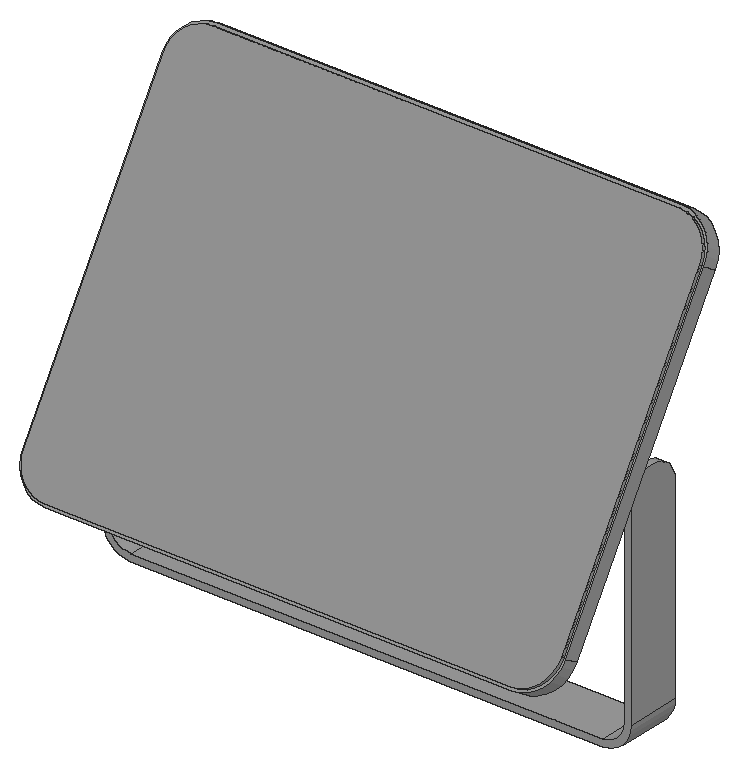
Revit family "0047964 Sylvania Lighting Fixture START eco Flood Flat IP65 2800lm 830", category Lighting Fixtures, host Face, Revit 2016
Family settings
  Host = Face
  Part Type = Normal
  Round Connector Dimension = Use Diameter
  OmniClass Number = 23.80.70.00
  OmniClass Title = Lighting
  Cut with Voids When Loaded = No
  Light Source = No
  Shared = No
  Room Calculation Point = No
Parameters (values of type "0047964 ST E FLD FLT IP65 2800LM 830")
  WidthBracketIn_SYL = if([10W_SYL], 102.2 mm, if([30W_SYL], 143.3 mm, if([50W_SYL], 181 mm, 262.8 mm)))  # 143.3 mm
  Weight = "6.54 kg"
  Wattage Comments = ""
  WarrantyStartDate [instance] = "n/a"
  WarrantyGuarantorParts = "n/a"
  WarrantyDurationUnit = "n/a"
  WarrantyDurationParts = "n/a"
  WarrantyDescription = "n/a"
  Voltage = 0 V
  URL = "http://www.sylvania-lighting.com"
  TypeName = "START eco Flood Flat IP65 2800lm 830"
  TypeLight_SYL = START eco Flood Flat Lamp : 0047964 ST E FLD FLT IP65 2800LM 830
  Type Image = <None>
  Type Comments = "n/a"
  ThicknessBracket_SYL = if([10W_SYL], 1.5 mm, 2 mm)  # 2 mm
  SerialNumber [instance] = "n/a"
  RotationAngle_SYL [instance] = 32.00°
  RadiusBracket_SYL = if([10W_SYL], 7.7 mm, if([30W_SYL], 8 mm, if([50W_SYL], 17 mm, 14 mm)))  # 8 mm
  RadiusBracketIn_SYL = RadiusBracket_SYL - ThicknessBracket_SYL  # 6 mm
  OffsetAxis_SYL = DepthBracket_SYL / 2  # 7.5 mm
  PowerFactor = 0.9
  PowerConsumption = "30 W"
  NominalLength = 156 mm
  NominalHeight = 38 mm
  NominalDepth = 126 mm
  Name = "START eco Flood Flat IP65 2800lm 830"
  ModelReference = Name  # "START eco Flood Flat IP65 2800lm 830"
  ModelNumber = "0047964"
  Model = Name  # "START eco Flood Flat IP65 2800lm 830"
  Material = "adc12 housing"
  ManufacturerName = "Feilo Sylvania"
  Manufacturer = "Feilo Sylvania"
  LuminousEfficacy = "90 lm/W"
  LuminaireType = ""
  LightOutputRatio = "n/a"
  LampsType = Lamp  # "LED"
  LampNominalLuminous = "2700 lm"
  LampMacAdamStep = "n/a"
  LampColourTemperature = "3000 K"
  LampColourRenderingIndex = "80"
  Lamp = "LED"
  Keynote = "16500"
  InstallationDate [instance] = "n/a"
  InputVoltage = "n/a"
  InputNominalFrequency = "n/a"
  IngressProtection = "IP65"
  ImpactProtectionIndex = "IK06"
  IfcExportType = "IfcLightFixtureType"
  IfcExportAs = "IfcLightFixtureType"
  HeightBracket_SYL = if([10W_SYL], 55 mm, if([30W_SYL], 70 mm, if([50W_SYL], 110 mm, 141 mm)))  # 70 mm
  ExpectedLife = 30000
  EndAngle_SYL [instance] = RotationAngle_SYL + 180.00°  # 212.00°
  ElectricShockClassification = "Class I"
  DurationUnit = "hours"
  DocumentationLiterature = "http://www.sylvania-lighting.com/product/en-int/products/0047964"
  DimmingControlOptions = "n/a"
  Description = "The new Start eco Flood Flat comes with improved design. The streamlined, durable, lightweight die-cast aluminium body makes it a perfect choice for building facades, car parks, garages and construction areas. The product includes 1 m pre-wired stripped cable and fitting bracket for quick and easy installation and the universal mounting bracket allows wall or surface mounting with the possibility of vertical tilting. Black die-cast aluminum housing, white reflector, 2700 lm, 30 W, 90 lm/W, 3000K, drive current 116 mA, non dimmable, CRI>80, IP65, IK06, Class I, lumen maintenance L70:B50: 30000 hrs, 156 x 126 x 38 mm (L x W x H). Weight: 0.545kg. Energy class: A++ A+ A."
  DepthBracket_SYL = if([10W_SYL], 15 mm, if([30W_SYL], 15 mm, if([50W_SYL], 17 mm, 25 mm)))  # 15 mm
  Default Elevation = 1219.2 mm
  CreatedOn = "10/8/2018"
  CreatedBy = "@sylvania-lighting.com"
  Cost = 0
  built-in parameter 1114216 [instance] = (empty or 0)
  ClassificationValue = "EF_70_80"
  ClassificationName = "Uniclass2015"
  Material_1_SYL = Body-Sylvania-FloodFlat-Black
  BarCode [instance] = "n/a"
  AssetType = "Fixed"
  AssetIdentifier [instance] = "n/a"
  Assembly Code = "D5020200"
  Apparent Load = 30 VA
  50W_SYL = no
  30W_SYL = yes
  10W_SYL = no
Reference planes
  plane 1 "Center (Front/Back)": y = 0
  plane 2: z = 0
  plane 3 "Center (Left/Right)": x = 0
  plane 4: x = -73.65
  plane 5: x = 73.65
  plane 6: z = 70
  plane 7: z = 62.5
  plane 8: x = -71.65
  plane 9: x = 71.65
  plane 10: z = 2
  plane 11: y = 7.5
  plane 12: y = -7.5
  plane 13: x = -65.65
  plane 14: z = 8
  plane 15: x = 65.65
  plane 16: y = -9.5
  plane 17: z = 72
  plane 18: y = 9.5
Forms (mm)
  Extrusion 1, solid, material "Body-Sylvania-FloodFlat-Black" <- "Material_1_SYL"
    sketch origin (0, 0, 0) x (1, 0, 0) y (0, 0, 1)
      loop
        line (-71.65, 70) -> (-73.65, 70) -> (-73.65, 8)
        arc (-73.65, 8) -> (-71.307, 2.343) -> (-65.65, 0) r 8
        line (-65.65, 0) -> (65.65, 0)
        arc (65.65, 0) -> (71.307, 2.343) -> (73.65, 8) r 8
        line (73.65, 8) -> (73.65, 70) -> (71.65, 70) -> (71.65, 8)
        arc (71.65, 8) -> (69.893, 3.757) -> (65.65, 2) r 6
        line (65.65, 2) -> (-65.65, 2)
        arc (-65.65, 2) -> (-69.893, 3.757) -> (-71.65, 8) r 6
        line (-71.65, 8) -> (-71.65, 70)
    from -7.5 to 7.5
  Extrusion 2, void
    sketch origin (0, 0, 0) x (0, 1, 0) y (0, 0, 1)
      loop
        line (7.5, 62.5) -> (9.5, 62.5) -> (9.5, 72) -> (-9.5, 72) -> (-9.5, 62.5) -> (-7.5, 62.5)
        arc (-7.5, 62.5) -> (0, 70) -> (7.5, 62.5) r 7.5
    from -73.65 to 73.65
  Revolve 3, solid, not visible
    sketch origin (0, 0, 0) x (1, 0, 0) y (0, 0, 1)
      loop
        line (0, 62.5) -> (0, 70) -> (-12.336, 70) -> (-12.336, 62.5) -> (0, 62.5)
      axis (0, 62.5) -> (-12.336, 62.5)
    angle from 32 <- "RotationAngle_SYL" to 212 <- "EndAngle_SYL"
Cuts and joins
  Extrusion 2 cuts Extrusion 1
Dimensions and locks
  equal spacing: plane 9, plane 3 "Center (Left/Right)", plane 8
  "WidthBracketIn_SYL": plane 9 to plane 8
  "ThicknessBracket_SYL": plane 8 to plane 4
  "ThicknessBracket_SYL": plane 5 to plane 9
  "ThicknessBracket_SYL": plane 10 to plane 2
  equal spacing: plane 12, plane 1 "Center (Front/Back)", plane 11
  "DepthBracket_SYL": plane 12 to plane 11
  "OffsetAxis_SYL": plane 7 to plane 6
  "HeightBracket_SYL": plane 6 to plane 2
  "RadiusBracket_SYL": plane 14 to plane 2
  equal spacing: plane 15, plane 3 "Center (Left/Right)", plane 13
  "RadiusBracket_SYL": plane 13 to plane 4
  equal spacing: plane 16, plane 1 "Center (Front/Back)", plane 18
  locked: plane 16 to plane 12 at 2
  locked: plane 6 to plane 17 at 2
  "RadiusBracket_SYL": radius of Extrusion 1 sketch curve  (x2)
  "RadiusBracketIn_SYL": radius of Extrusion 1 sketch curve  (x2)
  aligned and locked: plane 2 to host face
  aligned and locked: level to host face
  aligned and locked: Extrusion 1 sketch curve to plane 6  (x2)
  aligned and locked: Extrusion 1 sketch curve to plane 4
  aligned and locked: plane 5 to Extrusion 1 sketch curve
  aligned and locked: Extrusion 1 sketch curve to plane 9
  aligned and locked: Extrusion 1 sketch curve to plane 2
  aligned and locked: plane 13 to Extrusion 1 sketch curve
  aligned and locked: plane 14 to Extrusion 1 sketch curve  (x2)
  aligned and locked: plane 15 to Extrusion 1 sketch curve
  aligned and locked: Extrusion 1 to plane 11
  aligned and locked: plane 12 to Extrusion 1
  aligned and locked: plane 11 to Extrusion 2 sketch curve
  aligned and locked: plane 1 "Center (Front/Back)" to Extrusion 2 sketch curve
  aligned and locked: plane 7 to Extrusion 2 sketch curve
  aligned and locked: plane 17 to Extrusion 2 sketch curve
  aligned and locked: plane 18 to Extrusion 2 sketch curve
  aligned and locked: Extrusion 2 sketch curve to plane 16
  aligned and locked: Extrusion 2 sketch curve to plane 7  (x2)
  aligned and locked: plane 5 to Extrusion 2
  aligned and locked: Extrusion 2 to plane 4
  aligned and locked: Revolve 3 sketch curve to plane 7  (x2)
  aligned and locked: Revolve 3 sketch curve to plane 3 "Center (Left/Right)"
  aligned and locked: plane 6 to Revolve 3 sketch curve
  aligned and locked: plane 3 "Center (Left/Right)" to nested 1
Automatic sketch dimensions
  host sketch curve to host sketch curve = 2438.4 mm  (x2)
  Revolve 3 sketch curve to plane 3 "Center (Left/Right)" = 12.336 mm
  Revolve 3 sketch curve to plane 4 = 1122.5 mm
  plane 5 to Revolve 3 sketch curve = 1130.9 mm
Nested families
  nested 1: "START eco Flood Flat Lamp" at (0, 3.021, 67.334) x (1, 0, 0) z (0, -0.848, 0.5299), type <- "TypeLight_SYL", type "0047964 ST E FLD FLT IP65 2800LM 830"
    with built-in parameter 1114216 (empty or 0)
Connectors
  electrical at (0, 0, 0), driven by "Apparent Load", driven by "PowerFactor", driven by "Voltage"
    settings: index 1, voltage 0 V, apparent load 30 VA, apparent load phase1 0 VA, apparent load phase2 0 VA, apparent load phase3 0 VA, power factor 0.9, load classification "Lighting", number of poles 1, system type 30, power factor state 1, is connector primary yes, connector utility no, sub classification motor no, connector description ""
Definition of nested family "START eco Flood Flat Lamp"
  Parameters (values of type "0047977 ST E FLD FLT IP65 9000LM 840")
    Width_SYL = if([10W_SYL], 110 mm, if([30W_SYL], 151 mm, if([50W_SYL], 189 mm, 275 mm)))  # 275 mm
    WidthLEDBoard_SYL = if([10W_SYL], 40 mm, if([30W_SYL], 83 mm, if([50W_SYL], 80 mm, 180 mm)))  # 180 mm
    WidthVignette_SYL = if([10W_SYL], 78.6 mm, if([30W_SYL], 120 mm, if([50W_SYL], 157 mm, 226 mm)))  # 226 mm
    WidthBoltHousing_SYL = 4 * OffsetBoltHousing_SYL  # 24.5 mm
    Wattage Comments = "n/a"
    Wattage = 100 W
    built-in parameter 1150110 = 1 (stored number, unit not read)
    URL = "http://www.sylvania-lighting.com"
    Type Image = (empty or 0)
    Type Comments = "n/a"
    built-in parameter 1114217 = 1 (stored number, unit not read)
    Tilt Angle = -90.00°
    ThicknessScreen_SYL = if([10W_SYL], 5 mm, if([30W_SYL], 5.2 mm, if([50W_SYL], 5.4 mm, 6.1 mm)))  # 6.1 mm
    ThicknessDiffuser_SYL = 0.8 mm  # constant formula
    built-in parameter 1150109 = 1 (stored number, unit not read)
    built-in parameter 1150134 = 12
    built-in parameter 1150113 = 1 (stored number, unit not read)
    RotationAxisFromTop_SYL = if([10W_SYL], 48.8 mm, if([30W_SYL], 61.7 mm, if([50W_SYL], 91.3 mm, 133.4 mm)))  # 133.4 mm
    RadiusLEDBoard_SYL = if([10W_SYL], 1.5 mm, if([30W_SYL], 2 mm, if([50W_SYL], 1.9 mm, 3.7 mm)))  # 3.7 mm
    RadiusDiffuser_SYL = RadiusCorners_SYL - ThicknessDiffuser_SYL  # 13.4 mm
    RadiusCorners_SYL = if([10W_SYL], 10.5 mm, if([30W_SYL], 10.7 mm, if([50W_SYL], 10.7 mm, 14.2 mm)))  # 14.2 mm
    RadiusBoltHousing_SYL = if([10W_SYL], 4.1 mm, if([30W_SYL], 4.9 mm, if([50W_SYL], 5 mm, 8.1 mm)))  # 8.1 mm
    RadiusBack_SYL = RadiusCorners_SYL - OffsetXBack_SYL / 3  # 10.117 mm
    RadiusBackB_SYL = RadiusBack_SYL - OffsetXBackB_SYL  # 7.054 mm
    Photometric Web File = "0047977.ies"
    PIR_SYL = no
    PIRHolderRadius_SYL = PIRBaseFillet_SYL + 2 mm  # 11 mm
    PIRFillet_SYL = 3 mm  # constant formula
    PIRBaseWidth_SYL = 38 mm
    PIRBaseFillet_SYL = PIRBaseDepth_SYL / 2  # 9 mm
    PIRBaseDepth_SYL = 18 mm
    OffsetYBack_SYL = (Height_SYL - HeightVignette_SYL) / 4  # 11 mm
    OffsetYBackB_SYL = OffsetYBack_SYL / 4  # 2.75 mm
    OffsetXBack_SYL = (Width_SYL - WidthVignette_SYL) / 4  # 12.25 mm
    OffsetXBackB_SYL = OffsetXBack_SYL / 4  # 3.063 mm
    OffsetBoltHousing_SYL = OffsetXBack_SYL / 2  # 6.125 mm
    Material_7_SYL = none
    Material_6_SYL = none
    Material_5_SYL = none
    Material_3_SYL = none
    Model = "START eco Flood Flat IP65 9000lm 840"
    Manufacturer = "Feilo Sylvania"
    built-in parameter 1150105 = 3437 (stored number, unit not read)
    Lumens = 9500 lm
    built-in parameter 1150115 = 1 (stored number, unit not read)
    built-in parameter 1150137 = (empty or 0)
    built-in parameter 1150139 = (empty or 0)
    built-in parameter 1150112 = 1 (stored number, unit not read)
    built-in parameter 1150114 = 1 (stored number, unit not read)
    Lamp = "LED"
    Keynote = "16500"
    Material_2_SYL = none
    InsertionPlaneFromTop_SYL = if([10W_SYL], 15.1 mm, if([30W_SYL], 14.5 mm, if([50W_SYL], 14.8 mm, 19.3 mm)))  # 19.3 mm
    built-in parameter 1150132 = (empty or 0)
    built-in parameter 1150102 = (empty or 0)
    built-in parameter 1150107 = 4000 (stored number, unit not read)
    built-in parameter 1150138 = (empty or 0)
    built-in parameter 1150106 = 34.37 (stored number, unit not read)
    Height_SYL = if([10W_SYL], 81.6 mm, if([30W_SYL], 112 mm, if([50W_SYL], 140.5 mm, 211 mm)))  # 211 mm
    HeightVignette_SYL = if([10W_SYL], 50 mm, if([30W_SYL], 81 mm, if([50W_SYL], 110 mm, 167 mm)))  # 167 mm
    HeightLEDBoard_SYL = if([10W_SYL], 25 mm, if([30W_SYL], 39 mm, if([50W_SYL], 56 mm, 132 mm)))  # 132 mm
    Emit from Rectangle Width = HeightVignette_SYL - 2 * RadiusVignette_SYL  # 146.2 mm
    Emit from Rectangle Length = WidthVignette_SYL - 2 * RadiusVignette_SYL  # 205.2 mm
    Emit Shape Visible in Rendering = no
    built-in parameter 1150104 = 8.8258 (stored number, unit not read)
    Dimming Lamp Color Temperature Shift = (empty or 0)
    DepthLEDBoard_SYL = (ThicknessScreen_SYL + DepthBack_SYL) / 9  # 2.289 mm
    DepthBack_SYL = if([10W_SYL], 10.2 mm, if([30W_SYL], 14.7 mm, if([50W_SYL], 16.9 mm, 14.5 mm)))  # 14.5 mm
    RadiusVignette_SYL = if([10W_SYL], 4.1 mm, if([30W_SYL], 4.1 mm, if([50W_SYL], 4.1 mm, 10.4 mm)))  # 10.4 mm
    Description = "The new Start eco Flood Flat comes with improved design. The streamlined, durable, lightweight die-cast aluminium body makes it a perfect choice for building facades, car parks, garages and construction areas. The product includes 1 m pre-wired stripped cable and fitting bracket for quick and easy installation and the universal mounting bracket allows wall or surface mounting with the possibility of vertical tilting. Black die-cast aluminum housing, white reflector, 9500 lm, 100 W, 95 lm/W, 4000K, drive current 386 mA, non dimmable, CRI>80, IP65, IK07, Class I, lumen maintenance L70:B50: 30000 hrs, 283 x 263 x 44 mm (L x W x H). Weight: 1.775kg. Energy class: A++ A+ A."
    DepthReflector_SYL = (ThicknessScreen_SYL + DepthBack_SYL) / 2  # 10.3 mm
    Default Elevation = 1219.2 mm
    Cost = 0
    Color Filter = 16777215
    built-in parameter 1114216 [instance] = (empty or 0)
    Material_1_SYL = none
    built-in parameter 1114218 = 1 (stored number, unit not read)
    built-in parameter 1150133 = 10 (stored number, unit not read)
    Assembly Code = "D5020200"
    Apparent Load = 100 VA
    Material_4_SYL = none
    50W_SYL = no
    30W_SYL = no
    10W_SYL = no
  Types (16, lengths in mm): name | Width_SYL | WidthLEDBoard_SYL | WidthVignette_SYL | WidthBoltHousing_SYL | Wattage | ThicknessScreen_SYL | built-in parameter 1150134 | RotationAxisFromTop_SYL | RadiusLEDBoard_SYL | RadiusDiffuser_SYL | RadiusCorners_SYL | RadiusBoltHousing_SYL | RadiusBack_SYL | RadiusBackB_SYL | Photometric Web File | PIR_SYL | OffsetYBack_SYL | OffsetYBackB_SYL | OffsetXBack_SYL | OffsetXBackB_SYL | OffsetBoltHousing_SYL | Model | built-in parameter 1150105 | Lumens | InsertionPlaneFromTop_SYL | built-in parameter 1150107 | built-in parameter 1150106 | Height_SYL | HeightVignette_SYL | HeightLEDBoard_SYL | Emit from Rectangle Width | Emit from Rectangle Length | built-in parameter 1150104 | DepthLEDBoard_SYL | DepthBack_SYL | RadiusVignette_SYL | Description | DepthReflector_SYL | Apparent Load | 50W_SYL | 30W_SYL | 10W_SYL
    0047977 ST E FLD FLT IP65 9000LM 840 | 275 | 180 | 226 | 24.5 | 100 W | 6.1 | 12 | 133.4 | 3.7 | 13.4 | 14.2 | 8.1 | 10.117 | 7.054 | "0047977.ies" | no | 11 | 2.75 | 12.25 | 3.063 | 6.125 | "START eco Flood Flat IP65 9000lm 840" | 3437 (stored number, unit not read) | 9500 lm | 19.3 | 4000 (stored number, unit not read) | 34.37 (stored number, unit not read) | 211 | 167 | 132 | 146.2 | 205.2 | 8.8258 (stored number, unit not read) | 2.289 | 14.5 | 10.4 | "The new Start eco Flood Flat comes with improved design. The streamlined, durable, lightweight die-cast aluminium body makes it a perfect choice for building facades, car parks, garages and construction areas. The product includes 1 m pre-wired stripped cable and fitting bracket for quick and easy installation and the universal mounting bracket allows wall or surface mounting with the possibility of vertical tilting. Black die-cast aluminum housing, white reflector, 9500 lm, 100 W, 95 lm/W, 4000K, drive current 386 mA, non dimmable, CRI>80, IP65, IK07, Class I, lumen maintenance L70:B50: 30000 hrs, 283 x 263 x 44 mm (L x W x H). Weight: 1.775kg. Energy class: A++ A+ A." | 10.3 | 100 VA | no | no | no
    0047976 ST E FLD FLT IP65 9000LM 830 | 275 | 180 | 226 | 24.5 | 100 W | 6.1 | (empty or 0) | 133.4 | 3.7 | 13.4 | 14.2 | 8.1 | 10.117 | 7.054 | "0047976.ies" | no | 11 | 2.75 | 12.25 | 3.063 | 6.125 | "START eco Flood Flat IP65 9000lm 830" | 3256.1 (stored number, unit not read) | 9000 lm | 19.3 | 3000 (stored number, unit not read) | 32.561 (stored number, unit not read) | 211 | 167 | 132 | 146.2 | 205.2 | 8.3613 (stored number, unit not read) | 2.289 | 14.5 | 10.4 | "The new Start eco Flood Flat comes with improved design. The streamlined, durable, lightweight die-cast aluminium body makes it a perfect choice for building facades, car parks, garages and construction areas. The product includes 1 m pre-wired stripped cable and fitting bracket for quick and easy installation and the universal mounting bracket allows wall or surface mounting with the possibility of vertical tilting. Black die-cast aluminum housing, white reflector, 9000 lm, 100 W, 90 lm/W, 3000K, drive current 386 mA, non dimmable, CRI>80, IP65, IK07, Class I, lumen maintenance L70:B50: 30000 hrs, 283 x 263 x 44 mm (L x W x H). Weight: 1.775kg. Energy class: A++ A+ A." | 10.3 | 100 VA | no | no | no
    0047973 ST E FLD FLT IP65 6500LM 840 | 275 | 180 | 226 | 24.5 | 70 W | 6.1 | 12 | 133.4 | 3.7 | 13.4 | 14.2 | 8.1 | 10.117 | 7.054 | "0047973.ies" | no | 11 | 2.75 | 12.25 | 3.063 | 6.125 | "START eco Flood Flat IP65 6500lm 840" | 2460.1 (stored number, unit not read) | 6650 lm | 19.3 | 4000 (stored number, unit not read) | 24.601 (stored number, unit not read) | 211 | 167 | 132 | 146.2 | 205.2 | 8.8258 (stored number, unit not read) | 2.289 | 14.5 | 10.4 | "The new Start eco Flood Flat comes with improved design. The streamlined, durable, lightweight die-cast aluminium body makes it a perfect choice for building facades, car parks, garages and construction areas. The product includes 1 m pre-wired stripped cable and fitting bracket for quick and easy installation and the universal mounting bracket allows wall or surface mounting with the possibility of vertical tilting. Black die-cast aluminum housing, white reflector, 6650 lm, 70 W, 95 lm/W, 4000K, drive current 270 mA, non dimmable, CRI>80, IP65, IK07, Class I, lumen maintenance L70:B50: 30000 hrs, 283 x 263 x 44 mm (L x W x H). Weight: 1.775kg. Energy class: A++ A+ A." | 10.3 | 70 VA | no | no | no
    0047972 ST E FLD FLT IP65 6500LM 830 | 275 | 180 | 226 | 24.5 | 70 W | 6.1 | (empty or 0) | 133.4 | 3.7 | 13.4 | 14.2 | 8.1 | 10.117 | 7.054 | "0047972.ies" | no | 11 | 2.75 | 12.25 | 3.063 | 6.125 | "START eco Flood Flat IP65 6500lm 830" | 2330.6 (stored number, unit not read) | 6300 lm | 19.3 | 3000 (stored number, unit not read) | 23.306 (stored number, unit not read) | 211 | 167 | 132 | 146.2 | 205.2 | 8.3613 (stored number, unit not read) | 2.289 | 14.5 | 10.4 | "The new Start eco Flood Flat comes with improved design. The streamlined, durable, lightweight die-cast aluminium body makes it a perfect choice for building facades, car parks, garages and construction areas. The product includes 1 m pre-wired stripped cable and fitting bracket for quick and easy installation and the universal mounting bracket allows wall or surface mounting with the possibility of vertical tilting. Black die-cast aluminum housing, white reflector, 6300 lm, 70 W, 90 lm/W, 3000K, drive current 270 mA, non dimmable, CRI>80, IP65, IK07, Class I, lumen maintenance L70:B50: 30000 hrs, 283 x 263 x 44 mm (L x W x H). Weight: 1.775kg. Energy class: A++ A+ A." | 10.3 | 70 VA | no | no | no
    0047971 ST E FLD FLT IP54 PIR 4500LM 840 | 189 | 80 | 157 | 16 | 51 W | 5.4 | 12 | 91.3 | 1.9 | 9.9 | 10.7 | 5 | 8.033 | 6.033 | "0047971.ies" | yes | 7.625 | 1.906 | 8 | 2 | 4 | "START eco Flood Flat IP54 PIR 4500lm 840" | 1695.8 (stored number, unit not read) | 4743 lm | 14.8 | 4000 (stored number, unit not read) | 16.958 (stored number, unit not read) | 140.5 | 110 | 56 | 101.8 | 148.8 | 8.64 (stored number, unit not read) | 2.478 | 16.9 | 4.1 | "The new Start eco Flood Flat comes with improved design. The streamlined, durable, lightweight die-cast aluminium body makes it a perfect choice for building facades, car parks, garages and construction areas. The product includes 1 m pre-wired stripped cable and fitting bracket for quick and easy installation and the universal mounting bracket allows wall or surface mounting with the possibility of vertical tilting. Black die-cast aluminum housing, white reflector, 4750 lm, 51 W, 93 lm/W, 4000K, drive current 193 mA, non dimmable, CRI>80, IP54, IK07 - fixture, IK05 - sensor, Class I, lumen maintenance L70:B50: 30000 hrs, 193 x 216 x 70 mm (L x W x H). Weight: 0.85kg.  PIR sensor included. Energy class: A++ A+ A." | 11.15 | 51 VA | yes | no | no
    0047970 ST E FLD FLT IP54 PIR 4500LM 830 | 189 | 80 | 157 | 16 | 51 W | 5.4 | (empty or 0) | 91.3 | 1.9 | 9.9 | 10.7 | 5 | 8.033 | 6.033 | "0047970.ies" | yes | 7.625 | 1.906 | 8 | 2 | 4 | "START eco Flood Flat IP54 PIR 4500lm 830" | 1604.6 (stored number, unit not read) | 4488 lm | 14.8 | 3000 (stored number, unit not read) | 16.046 (stored number, unit not read) | 140.5 | 110 | 56 | 101.8 | 148.8 | 8.1755 (stored number, unit not read) | 2.478 | 16.9 | 4.1 | "The new Start eco Flood Flat comes with improved design. The streamlined, durable, lightweight die-cast aluminium body makes it a perfect choice for building facades, car parks, garages and construction areas. The product includes 1 m pre-wired stripped cable and fitting bracket for quick and easy installation and the universal mounting bracket allows wall or surface mounting with the possibility of vertical tilting. Black die-cast aluminum housing, white reflector, 4500 lm, 51 W, 88 lm/W, 3000K, drive current 193 mA, non dimmable, CRI>80, IP54, IK07 - fixture, IK05 - sensor, Class I, lumen maintenance L70:B50: 30000 hrs, 193 x 216 x 70 mm (L x W x H). Weight: 0.85kg.  PIR sensor included. Energy class: A++ A+ A." | 11.15 | 51 VA | yes | no | no
    0047969 ST E FLD FLT IP65 4500LM 840 | 189 | 80 | 157 | 16 | 50 W | 5.4 | 12 | 91.3 | 1.9 | 9.9 | 10.7 | 5 | 8.033 | 6.033 | "0047969.ies" | no | 7.625 | 1.906 | 8 | 2 | 4 | "START eco Flood Flat IP65 4500lm 840" | 1698.3 (stored number, unit not read) | 4750 lm | 14.8 | 4000 (stored number, unit not read) | 16.983 (stored number, unit not read) | 140.5 | 110 | 56 | 101.8 | 148.8 | 8.8258 (stored number, unit not read) | 2.478 | 16.9 | 4.1 | "The new Start eco Flood Flat comes with improved design. The streamlined, durable, lightweight die-cast aluminium body makes it a perfect choice for building facades, car parks, garages and construction areas. The product includes 1 m pre-wired stripped cable and fitting bracket for quick and easy installation and the universal mounting bracket allows wall or surface mounting with the possibility of vertical tilting. Black die-cast aluminum housing, white reflector, 4750 lm, 50 W, 95 lm/W, 4000K, drive current 193 mA, non dimmable, CRI>80, IP65, IK07, Class I, lumen maintenance L70:B50: 30000 hrs, 193 x 190 x 48 mm (L x W x H). Weight: 0.785kg. Energy class: A++ A+ A." | 11.15 | 50 VA | yes | no | no
    0047968 ST E FLD FLT IP65 4500LM 830 | 189 | 80 | 157 | 16 | 50 W | 5.4 | (empty or 0) | 91.3 | 1.9 | 9.9 | 10.7 | 5 | 8.033 | 6.033 | "0047968.ies" | no | 7.625 | 1.906 | 8 | 2 | 4 | "START eco Flood Flat IP65 4500lm 830" | 1608.9 (stored number, unit not read) | 4500 lm | 14.8 | 3000 (stored number, unit not read) | 16.089 (stored number, unit not read) | 140.5 | 110 | 56 | 101.8 | 148.8 | 8.3613 (stored number, unit not read) | 2.478 | 16.9 | 4.1 | "The new Start eco Flood Flat comes with improved design. The streamlined, durable, lightweight die-cast aluminium body makes it a perfect choice for building facades, car parks, garages and construction areas. The product includes 1 m pre-wired stripped cable and fitting bracket for quick and easy installation and the universal mounting bracket allows wall or surface mounting with the possibility of vertical tilting. Black die-cast aluminum housing, white reflector, 4500 lm, 50 W, 90 lm/W, 3000K, drive current 193 mA, non dimmable, CRI>80, IP65, IK07, Class I, lumen maintenance L70:B50: 30000 hrs, 193 x 190 x 48 mm (L x W x H). Weight: 0.785kg. Energy class: A++ A+ A." | 11.15 | 50 VA | yes | no | no
    0047967 ST E FLD FLT IP54 PIR 2800LM 840 | 151 | 83 | 120 | 15.5 | 31 W | 5.2 | 12 | 61.7 | 2 | 9.9 | 10.7 | 4.9 | 8.117 | 6.179 | "0047967.ies" | yes | 7.75 | 1.938 | 7.75 | 1.938 | 3.875 | "START eco Flood Flat IP54 PIR 2800lm 840" | 1045.5 (stored number, unit not read) | 2852 lm | 14.5 | 4000 (stored number, unit not read) | 10.455 (stored number, unit not read) | 112 | 81 | 39 | 72.8 | 111.8 | 8.5471 (stored number, unit not read) | 2.211 | 14.7 | 4.1 | "The new Start eco Flood Flat comes with improved design. The streamlined, durable, lightweight die-cast aluminium body makes it a perfect choice for building facades, car parks, garages and construction areas. The product includes 1 m pre-wired stripped cable and fitting bracket for quick and easy installation and the universal mounting bracket allows wall or surface mounting with the possibility of vertical tilting. Black die-cast aluminum housing, white reflector, 2850 lm, 31 W, 92 lm/W, 4000K, drive current 116 mA, non dimmable, CRI>80, IP54, IK06 - fixture, IK05 - sensor, Class I, lumen maintenance L70:B50: 30000 hrs, 156 x 178 x 67 mm (L x W x H). Weight: 0.61kg.  PIR sensor included. Energy class: A++ A+ A." | 9.95 | 31 VA | no | yes | no
    0047966 ST E FLD FLT IP54 PIR 2800LM 830 | 151 | 83 | 120 | 15.5 | 31 W | 5.2 | (empty or 0) | 61.7 | 2 | 9.9 | 10.7 | 4.9 | 8.117 | 6.179 | "0047966.ies" | yes | 7.75 | 1.938 | 7.75 | 1.938 | 3.875 | "START eco Flood Flat IP54 PIR 2800lm 830" | 988.72 (stored number, unit not read) | 2697 lm | 14.5 | 3000 (stored number, unit not read) | 9.8872 (stored number, unit not read) | 112 | 81 | 39 | 72.8 | 111.8 | 8.0826 (stored number, unit not read) | 2.211 | 14.7 | 4.1 | "The new Start eco Flood Flat comes with improved design. The streamlined, durable, lightweight die-cast aluminium body makes it a perfect choice for building facades, car parks, garages and construction areas. The product includes 1 m pre-wired stripped cable and fitting bracket for quick and easy installation and the universal mounting bracket allows wall or surface mounting with the possibility of vertical tilting. Black die-cast aluminum housing, white reflector, 2700 lm, 31 W, 87 lm/W, 3000K, drive current 116 mA, non dimmable, CRI>80, IP54, IK06 - fixture, IK05 - sensor, Class I, lumen maintenance L70:B50: 30000 hrs, 156 x 178 x 67 mm (L x W x H). Weight: 0.61kg.  PIR sensor included. Energy class: A++ A+ A." | 9.95 | 31 VA | no | yes | no
    0047965 ST E FLD FLT IP65 2800LM 840 | 151 | 83 | 120 | 15.5 | 30 W | 5.2 | 12 | 61.7 | 2 | 9.9 | 10.7 | 4.9 | 8.117 | 6.179 | "0047965.ies" | no | 7.75 | 1.938 | 7.75 | 1.938 | 3.875 | "START eco Flood Flat IP65 2800lm 840" | 1044.8 (stored number, unit not read) | 2850 lm | 14.5 | 4000 (stored number, unit not read) | 10.448 (stored number, unit not read) | 112 | 81 | 39 | 72.8 | 111.8 | 8.8258 (stored number, unit not read) | 2.211 | 14.7 | 4.1 | "The new Start eco Flood Flat comes with improved design. The streamlined, durable, lightweight die-cast aluminium body makes it a perfect choice for building facades, car parks, garages and construction areas. The product includes 1 m pre-wired stripped cable and fitting bracket for quick and easy installation and the universal mounting bracket allows wall or surface mounting with the possibility of vertical tilting. Black die-cast aluminum housing, white reflector, 2850 lm, 30 W, 95 lm/W, 4000K, drive current 116 mA, non dimmable, CRI>80, IP65, IK06, Class I, lumen maintenance L70:B50: 30000 hrs, 156 x 126 x 38 mm (L x W x H). Weight: 0.545kg. Energy class: A++ A+ A." | 9.95 | 30 VA | no | yes | no
    0047964 ST E FLD FLT IP65 2800LM 830 | 151 | 83 | 120 | 15.5 | 30 W | 5.2 | (empty or 0) | 61.7 | 2 | 9.9 | 10.7 | 4.9 | 8.117 | 6.179 | "0047964.ies" | no | 7.75 | 1.938 | 7.75 | 1.938 | 3.875 | "START eco Flood Flat IP65 2800lm 830" | 989.82 (stored number, unit not read) | 2700 lm | 14.5 | 3000 (stored number, unit not read) | 9.8982 (stored number, unit not read) | 112 | 81 | 39 | 72.8 | 111.8 | 8.3613 (stored number, unit not read) | 2.211 | 14.7 | 4.1 | "The new Start eco Flood Flat comes with improved design. The streamlined, durable, lightweight die-cast aluminium body makes it a perfect choice for building facades, car parks, garages and construction areas. The product includes 1 m pre-wired stripped cable and fitting bracket for quick and easy installation and the universal mounting bracket allows wall or surface mounting with the possibility of vertical tilting. Black die-cast aluminum housing, white reflector, 2700 lm, 30 W, 90 lm/W, 3000K, drive current 116 mA, non dimmable, CRI>80, IP65, IK06, Class I, lumen maintenance L70:B50: 30000 hrs, 156 x 126 x 38 mm (L x W x H). Weight: 0.545kg. Energy class: A++ A+ A." | 9.95 | 30 VA | no | yes | no
    0047963 ST E FLD FLT IP54 PIR 900LM 840 | 110 | 40 | 78.6 | 15.7 | 11 W | 5 | 12 | 48.8 | 1.5 | 9.7 | 10.5 | 4.1 | 7.883 | 5.921 | "0047963.ies" | yes | 7.9 | 1.975 | 7.85 | 1.963 | 3.925 | "START eco Flood Flat IP54 PIR 900lm 840" | 365.78 (stored number, unit not read) | 946 lm | 15.1 | 4000 (stored number, unit not read) | 3.6578 (stored number, unit not read) | 81.6 | 50 | 25 | 41.8 | 70.4 | 7.9897 (stored number, unit not read) | 1.689 | 10.2 | 4.1 | "The new Start eco Flood Flat comes with improved design. The streamlined, durable, lightweight die-cast aluminium body makes it a perfect choice for building facades, car parks, garages and construction areas. The product includes 1 m pre-wired stripped cable and fitting bracket for quick and easy installation and the universal mounting bracket allows wall or surface mounting with the possibility of vertical tilting. Black die-cast aluminum housing, white reflector, 950 lm, 11 W, 86 lm/W, 4000K, drive current 38.6 mA, non dimmable, CRI>80, IP54, IK06 - fixture, IK05 - sensor, Class I, lumen maintenance L70:B50: 30000 hrs, 156 x 178 x 67 mm (L x W x H). Weight: 0.61kg.  PIR sensor included. Energy class: A++ A+ A." | 7.6 | 11 VA | no | no | yes
    0047962 ST E FLD FLT IP54 PIR 900LM 830 | 110 | 40 | 78.6 | 15.7 | 11 W | 5 | (empty or 0) | 48.8 | 1.5 | 9.7 | 10.5 | 4.1 | 7.883 | 5.921 | "0047962.ies" | yes | 7.9 | 1.975 | 7.85 | 1.963 | 3.925 | "START eco Flood Flat IP54 PIR 900lm 830" | 345.53 (stored number, unit not read) | 902 lm | 15.1 | 3000 (stored number, unit not read) | 3.4553 (stored number, unit not read) | 81.6 | 50 | 25 | 41.8 | 70.4 | 7.618 (stored number, unit not read) | 1.689 | 10.2 | 4.1 | "The new Start eco Flood Flat comes with improved design. The streamlined, durable, lightweight die-cast aluminium body makes it a perfect choice for building facades, car parks, garages and construction areas. The product includes 1 m pre-wired stripped cable and fitting bracket for quick and easy installation and the universal mounting bracket allows wall or surface mounting with the possibility of vertical tilting. Black die-cast aluminum housing, white reflector, 900 lm, 11 W, 82 lm/W, 3000K, drive current 38.6 mA, non dimmable, CRI>80, IP54, IK06 - fixture, IK05 - sensor, Class I, lumen maintenance L70:B50: 30000 hrs, 156 x 178 x 67 mm (L x W x H). Weight: 0.61kg.  PIR sensor included. Energy class: A++ A+ A." | 7.6 | 11 VA | no | no | yes
    0047961 ST E FLD FLT IP65 900LM 840 | 110 | 40 | 78.6 | 15.7 | 10 W | 5 | 12 | 48.8 | 1.5 | 9.7 | 10.5 | 4.1 | 7.883 | 5.921 | "0047961.ies" | no | 7.9 | 1.975 | 7.85 | 1.963 | 3.925 | "START eco Flood Flat IP65 900lm 840" | 367.33 (stored number, unit not read) | 950 lm | 15.1 | 4000 (stored number, unit not read) | 3.6733 (stored number, unit not read) | 81.6 | 50 | 25 | 41.8 | 70.4 | 8.8258 (stored number, unit not read) | 1.689 | 10.2 | 4.1 | "The new Start eco Flood Flat comes with improved design. The streamlined, durable, lightweight die-cast aluminium body makes it a perfect choice for building facades, car parks, garages and construction areas. The product includes 1 m pre-wired stripped cable and fitting bracket for quick and easy installation and the universal mounting bracket allows wall or surface mounting with the possibility of vertical tilting. Black die-cast aluminum housing, white reflector, 950 lm, 10 W, 95 lm/W, 4000K, drive current 38.6 mA, non dimmable, CRI>80, IP65, IK06, Class I, lumen maintenance L70:B50: 30000 hrs, 114 x 96 x 38 mm (L x W x H). Weight: 0.33kg. Energy class: A++ A+ A." | 7.6 | 10 VA | no | no | yes
    0047960 ST E FLD FLT IP65 900LM 830 | 110 | 40 | 78.6 | 15.7 | 10 W | 5 | (empty or 0) | 48.8 | 1.5 | 9.7 | 10.5 | 4.1 | 7.883 | 5.921 | "0047960.ies" | no | 7.9 | 1.975 | 7.85 | 1.963 | 3.925 | "START eco Flood Flat IP65 900lm 830" | 344.76 (stored number, unit not read) | 900 lm | 15.1 | 3000 (stored number, unit not read) | 3.4476 (stored number, unit not read) | 81.6 | 50 | 25 | 41.8 | 70.4 | 8.3613 (stored number, unit not read) | 1.689 | 10.2 | 4.1 | "The new Start eco Flood Flat comes with improved design. The streamlined, durable, lightweight die-cast aluminium body makes it a perfect choice for building facades, car parks, garages and construction areas. The product includes 1 m pre-wired stripped cable and fitting bracket for quick and easy installation and the universal mounting bracket allows wall or surface mounting with the possibility of vertical tilting. Black die-cast aluminum housing, white reflector, 900 lm, 10 W, 90 lm/W, 3000K, drive current 38.6 mA, non dimmable, CRI>80, IP65, IK06, Class I, lumen maintenance L70:B50: 30000 hrs, 114 x 96 x 38 mm (L x W x H). Weight: 0.33kg. Energy class: A++ A+ A." | 7.6 | 10 VA | no | no | yes
  Reference planes
    plane 1 "Center (Front/Back)": y = 0
    plane 2: z = 0
    plane 3 "Center (Left/Right)": x = 0
    plane 4: y = 105.5
    plane 5: y = -105.5
    plane 6: x = 137.5
    plane 7: x = -137.5
    plane 8: y = 83.5
    plane 9: y = -83.5
    plane 10: x = -113
    plane 11: x = 113
    plane 12: x = -123.3
    plane 13: y = 91.3
    plane 14: y = -91.3
    plane 15: x = 123.3
    plane 16: x = -102.6
    plane 17: y = 73.1
    plane 18: x = 102.6
    plane 19: y = -73.1
    plane 20: z = 19.3
    plane 21: z = 13.2
    plane 22: z = 9
    plane 23: z = -1.3
    plane 24: x = -125.25
    plane 25: y = 94.5
    plane 26: y = -94.5
    plane 27: x = 125.25
    plane 28: x = -122.187
    plane 29: x = 122.188
    plane 30: y = 91.75
    plane 31: y = -91.75
    plane 32: z = 18.5
    plane 33: x = -90
    plane 34: x = 90
    plane 35: y = 66
    plane 36: y = -66
    plane 37: z = 6.711
    plane 38: x = -136.7
    plane 39: y = 104.7
    plane 40: y = -104.7
    plane 41: x = 136.7
    plane 42: x = -131.375
    plane 43: x = 131.375
    plane 44: x = -106.875
    plane 45: x = 106.875
    plane 46 "RotationAxis": y = -27.9
    plane 47: y = -19.8
    plane 48: x = -19
    plane 49: x = 19
    plane 50: z = -10.3
    plane 51: z = 7.7
    plane 52: x = 10
    plane 53: x = -10
    plane 54: y = -155.5
    plane 55: y = -137.5
    plane 56: y = -146.5
    plane 57: x = -9
    plane 58: x = 9
    plane 59: y = -119.7
    plane 60: y = -173.3
    plane 61: x = -35.3
    plane 62: x = 35.3
    plane 63: z = 39.2
    plane 64: z = 33.7
  Forms (mm)
    Extrusion 1, solid
      sketch origin (4.2, 0, 0) x (1, 0, 0) y (0, 1, 0)
        loop
          line (-1219.2, 1219.2) -> (-1219.2, -1219.2) -> (1219.2, -1219.2) -> (1219.2, 1219.2) -> (-1219.2, 1219.2)
      from 0 to -68.017
    Extrusion 2, solid, material <- "Material_1_SYL"
      sketch origin (1223.4, -4572, 19.3) x (0, -1, 0) y (-1, 0, 0)
        loop
          line (-4677.5, 1346.7) -> (-4677.5, 1100.1)
          arc (-4677.5, 1100.1) -> (-4673.341, 1090.059) -> (-4663.3, 1085.9) r 14.2
          line (-4663.3, 1085.9) -> (-4480.7, 1085.9)
          arc (-4480.7, 1085.9) -> (-4470.659, 1090.059) -> (-4466.5, 1100.1) r 14.2
          line (-4466.5, 1100.1) -> (-4466.5, 1346.7)
          arc (-4466.5, 1346.7) -> (-4470.659, 1356.741) -> (-4480.7, 1360.9) r 14.2
          line (-4480.7, 1360.9) -> (-4663.3, 1360.9)
          arc (-4663.3, 1360.9) -> (-4673.341, 1356.741) -> (-4677.5, 1346.7) r 14.2
      from 6.1 to 0.8
    Blend 3, solid, material <- "Material_1_SYL"
      base sketch origin (1223.4, -4572, 13.2) x (0, -1, 0) y (1, 0, 0)
        loop
          arc (-4666.5, -1338.533) -> (-4663.537, -1345.687) -> (-4656.383, -1348.65) r 10.117
          line (-4656.383, -1348.65) -> (-4487.617, -1348.65)
          arc (-4487.617, -1348.65) -> (-4480.463, -1345.687) -> (-4477.5, -1338.533) r 10.117
          line (-4477.5, -1338.533) -> (-4477.5, -1108.267)
          arc (-4477.5, -1108.267) -> (-4480.463, -1101.113) -> (-4487.617, -1098.15) r 10.117
          line (-4487.617, -1098.15) -> (-4656.383, -1098.15)
          arc (-4656.383, -1098.15) -> (-4663.537, -1101.113) -> (-4666.5, -1108.267) r 10.117
          line (-4666.5, -1108.267) -> (-4666.5, -1338.533)
      top sketch origin (1223.4, -4572, 13.2) x (0, -1, 0) y (1, 0, 0)
        loop
          arc (-4663.75, -1338.533) -> (-4661.684, -1343.521) -> (-4656.696, -1345.588) r 7.054
          line (-4656.696, -1345.588) -> (-4487.304, -1345.588)
          arc (-4487.304, -1345.588) -> (-4482.316, -1343.521) -> (-4480.25, -1338.533) r 7.054
          line (-4480.25, -1338.533) -> (-4480.25, -1108.267)
          arc (-4480.25, -1108.267) -> (-4482.316, -1103.279) -> (-4487.304, -1101.213) r 7.054
          line (-4487.304, -1101.213) -> (-4656.696, -1101.213)
          arc (-4656.696, -1101.213) -> (-4661.684, -1103.279) -> (-4663.75, -1108.267) r 7.054
          line (-4663.75, -1108.267) -> (-4663.75, -1338.533)
      from 0 to -14.5
    Blend 4, void
      base sketch origin (1223.4, -4572, 18.5) x (-1, 0, 0) y (0, -1, 0)
        loop
          arc (1326, -4655.5) -> (1333.354, -4652.454) -> (1336.4, -4645.1) r 10.4
          line (1336.4, -4645.1) -> (1336.4, -4498.9)
          arc (1336.4, -4498.9) -> (1333.354, -4491.546) -> (1326, -4488.5) r 10.4
          line (1326, -4488.5) -> (1120.8, -4488.5)
          arc (1120.8, -4488.5) -> (1113.446, -4491.546) -> (1110.4, -4498.9) r 10.4
          line (1110.4, -4498.9) -> (1110.4, -4645.1)
          arc (1110.4, -4645.1) -> (1113.446, -4652.454) -> (1120.8, -4655.5) r 10.4
          line (1120.8, -4655.5) -> (1326, -4655.5)
      top sketch origin (1223.4, -4572, 18.5) x (0, -1, 0) y (1, 0, 0)
        loop
          arc (-4638, -1309.7) -> (-4636.916, -1312.316) -> (-4634.3, -1313.4) r 3.7
          line (-4634.3, -1313.4) -> (-4509.7, -1313.4)
          arc (-4509.7, -1313.4) -> (-4507.084, -1312.316) -> (-4506, -1309.7) r 3.7
          line (-4506, -1309.7) -> (-4506, -1137.1)
          arc (-4506, -1137.1) -> (-4507.084, -1134.484) -> (-4509.7, -1133.4) r 3.7
          line (-4509.7, -1133.4) -> (-4634.3, -1133.4)
          arc (-4634.3, -1133.4) -> (-4636.916, -1134.484) -> (-4638, -1137.1) r 3.7
          line (-4638, -1137.1) -> (-4638, -1309.7)
      from 0 to -9.5
    Extrusion 5, void
      sketch origin (1223.4, -4572, 9) x (-1, 0, 0) y (0, -1, 0)
        loop
          arc (1133.4, -4634.3) -> (1134.484, -4636.916) -> (1137.1, -4638) r 3.7
          line (1137.1, -4638) -> (1309.7, -4638)
          arc (1309.7, -4638) -> (1312.316, -4636.916) -> (1313.4, -4634.3) r 3.7
          line (1313.4, -4634.3) -> (1313.4, -4509.7)
          arc (1313.4, -4509.7) -> (1312.316, -4507.084) -> (1309.7, -4506) r 3.7
          line (1309.7, -4506) -> (1137.1, -4506)
          arc (1137.1, -4506) -> (1134.484, -4507.084) -> (1133.4, -4509.7) r 3.7
          line (1133.4, -4509.7) -> (1133.4, -4634.3)
      from 4.2 to -2.289
    Extrusion 6, solid, material <- "Material_3_SYL"
      sketch origin (1223.4, -4572, 19.3) x (0, -1, 0) y (-1, 0, 0)
        loop
          line (-4676.7, 1346.7) -> (-4676.7, 1100.1)
          arc (-4676.7, 1100.1) -> (-4672.775, 1090.625) -> (-4663.3, 1086.7) r 13.4
          line (-4663.3, 1086.7) -> (-4480.7, 1086.7)
          arc (-4480.7, 1086.7) -> (-4471.225, 1090.625) -> (-4467.3, 1100.1) r 13.4
          line (-4467.3, 1100.1) -> (-4467.3, 1346.7)
          arc (-4467.3, 1346.7) -> (-4471.225, 1356.175) -> (-4480.7, 1360.1) r 13.4
          line (-4480.7, 1360.1) -> (-4663.3, 1360.1)
          arc (-4663.3, 1360.1) -> (-4672.775, 1356.175) -> (-4676.7, 1346.7) r 13.4
      from 0 to 0.8
    Revolve 7, solid, material <- "Material_1_SYL"
      sketch origin (0, 0, 0) x (1, 0, 0) y (0, 1, 0)
        loop
          line (-131.375, -27.9) -> (-106.875, -27.9) -> (-106.875, -19.8) -> (-131.375, -19.8) -> (-131.375, -27.9)
        loop
          line (131.375, -27.9) -> (131.375, -19.8) -> (106.875, -19.8) -> (106.875, -27.9) -> (131.375, -27.9)
        axis (131.375, -27.9) -> (-131.375, -27.9)
      angle from 360 to 0
    Extrusion 8, solid, material <- "Material_1_SYL", visible <- "PIR_SYL"
      sketch origin (1524, -104.7, 1219.2) x (1, 0, 0) y (0, 0, 1)
        loop
          arc (-1514, -1229.5) -> (-1505, -1220.5) -> (-1514, -1211.5) r 9
          line (-1514, -1211.5) -> (-1534, -1211.5)
          arc (-1534, -1211.5) -> (-1543, -1220.5) -> (-1534, -1229.5) r 9
          line (-1534, -1229.5) -> (-1514, -1229.5)
      from 0 to -21.2
    Extrusion 9, solid, material <- "Material_6_SYL", visible <- "PIR_SYL"
      sketch origin (1524, -104.7, 1219.2) x (1, 0, 0) y (0, 0, 1)
        loop
          circle (-1524, -1220.5) r 9
      from 0 to 41.8
    Extrusion 10, solid, material <- "Material_6_SYL", visible <- "PIR_SYL"
      sketch origin (0, 0, 0) x (0, 1, 0) y (0, 0, 1)
        loop
          circle (-146.5, -1.3) r 11
      from -10 to 10
    Extrusion 11, solid, material <- "Material_6_SYL", visible <- "PIR_SYL"
      sketch origin (1223.4, -4572, -1.3) x (0, -1, 0) y (-1, 0, 0)
        loop
          circle (-4425.5, 1223.4) r 9
      from 0 to -14.5
    Extrusion 12, solid, material <- "Material_6_SYL", visible <- "PIR_SYL"
      sketch origin (1223.4, -4572, 13.2) x (0, -1, 0) y (-1, 0, 0)
        loop
          line (-4452.3, 1255.7) -> (-4452.3, 1191.1)
          arc (-4452.3, 1191.1) -> (-4451.421, 1188.979) -> (-4449.3, 1188.1) r 3
          line (-4449.3, 1188.1) -> (-4401.7, 1188.1)
          arc (-4401.7, 1188.1) -> (-4399.579, 1188.979) -> (-4398.7, 1191.1) r 3
          line (-4398.7, 1191.1) -> (-4398.7, 1255.7)
          arc (-4398.7, 1255.7) -> (-4399.579, 1257.821) -> (-4401.7, 1258.7) r 3
          line (-4401.7, 1258.7) -> (-4449.3, 1258.7)
          arc (-4449.3, 1258.7) -> (-4451.421, 1257.821) -> (-4452.3, 1255.7) r 3
      from 0 to -26
    Revolve 13, solid, material <- "Material_7_SYL", visible <- "PIR_SYL"
      sketch origin (0, -146.5, 2438.4) x (0, 0, 1) y (1, 0, 0)
        loop
          arc (-2387.2, 0) -> (-2390.514, 10.247) -> (-2399.2, 16.613) r 17.5
          line (-2399.2, 16.613) -> (-2399.2, 0) -> (-2387.2, 0)
        axis (-2399.2, 0) -> (-2387.2, 0)
      angle from 360 to 0
  Cuts and joins
    Blend 4, Extrusion 5 cuts Extrusion 2
    Blend 4, Extrusion 5 cuts Blend 3
    joined: Extrusion 2, Blend 3
  Lines and regions (mm)
    Split face 1
      outline origin (1223.4, -4572, 19.3) x (0, -1, 0) y (1, 0, 0)
        loop
          arc (-4655.5, -1326) -> (-4652.454, -1333.354) -> (-4645.1, -1336.4) r 10.4
          line (-4645.1, -1336.4) -> (-4498.9, -1336.4)
          arc (-4498.9, -1336.4) -> (-4491.546, -1333.354) -> (-4488.5, -1326) r 10.4
          line (-4488.5, -1326) -> (-4488.5, -1120.8)
          arc (-4488.5, -1120.8) -> (-4491.546, -1113.446) -> (-4498.9, -1110.4) r 10.4
          line (-4498.9, -1110.4) -> (-4645.1, -1110.4)
          arc (-4645.1, -1110.4) -> (-4652.454, -1113.446) -> (-4655.5, -1120.8) r 10.4
          line (-4655.5, -1120.8) -> (-4655.5, -1326)
  Dimensions and locks
    equal spacing: plane 5, plane 1 "Center (Front/Back)", plane 4
    "Height_SYL": plane 5 to plane 4
    equal spacing: plane 7, plane 3 "Center (Left/Right)", plane 6
    "Width_SYL": plane 7 to plane 6
    equal spacing: plane 10, plane 3 "Center (Left/Right)", plane 11
    equal spacing: plane 9, plane 1 "Center (Front/Back)", plane 8
    "HeightVignette_SYL": plane 9 to plane 8
    "WidthVignette_SYL": plane 10 to plane 11
    equal spacing: plane 12, plane 3 "Center (Left/Right)", plane 15
    equal spacing: plane 14, plane 1 "Center (Front/Back)", plane 13
    "RadiusCorners_SYL": plane 13 to plane 4
    "RadiusCorners_SYL": plane 7 to plane 12
    equal spacing: plane 16, plane 3 "Center (Left/Right)", plane 18
    equal spacing: plane 19, plane 1 "Center (Front/Back)", plane 17
    "RadiusVignette_SYL": plane 17 to plane 8
    "RadiusVignette_SYL": plane 18 to plane 11
    "InsertionPlaneFromTop_SYL": plane 20 to plane 2
    "ThicknessScreen_SYL": plane 20 to plane 21
    "DepthReflector_SYL": plane 20 to plane 22
    "DepthBack_SYL": plane 21 to plane 23
    equal spacing: plane 24, plane 3 "Center (Left/Right)", plane 27
    "OffsetXBack_SYL": plane 7 to plane 24
    equal spacing: plane 26, plane 1 "Center (Front/Back)", plane 25
    "OffsetYBack_SYL": plane 25 to plane 4
    equal spacing: plane 28, plane 3 "Center (Left/Right)", plane 29
    "OffsetXBackB_SYL": plane 24 to plane 28
    equal spacing: plane 31, plane 1 "Center (Front/Back)", plane 30
    "OffsetYBackB_SYL": plane 30 to plane 25
    "ThicknessDiffuser_SYL": plane 20 to plane 32
    equal spacing: plane 33, plane 3 "Center (Left/Right)", plane 34
    "WidthLEDBoard_SYL": plane 33 to plane 34
    equal spacing: plane 36, plane 1 "Center (Front/Back)", plane 35
    "HeightLEDBoard_SYL": plane 36 to plane 35
    "DepthLEDBoard_SYL": plane 22 to plane 37
    equal spacing: plane 38, plane 3 "Center (Left/Right)", plane 41
    "ThicknessDiffuser_SYL": plane 7 to plane 38
    equal spacing: plane 40, plane 1 "Center (Front/Back)", plane 39
    "ThicknessDiffuser_SYL": plane 5 to plane 40
    equal spacing: plane 43, plane 3 "Center (Left/Right)", plane 42
    "OffsetBoltHousing_SYL": plane 42 to plane 7
    equal spacing: plane 45, plane 3 "Center (Left/Right)", plane 44
    "WidthBoltHousing_SYL": plane 44 to plane 42
    "RotationAxisFromTop_SYL": plane 46 "RotationAxis" to plane 4
    "RadiusBoltHousing_SYL": plane 46 "RotationAxis" to plane 47
    equal spacing: plane 49, plane 3 "Center (Left/Right)", plane 48
    "PIRBaseWidth_SYL": plane 49 to plane 48
    equal spacing: plane 50, plane 23, plane 51
    equal spacing: plane 52, plane 3 "Center (Left/Right)", plane 53
    "PIRBaseFillet_SYL": plane 49 to plane 52
    "PIRBaseDepth_SYL": plane 50 to plane 51
    locked: plane 54 to plane 40 at 50.8
    "PIRBaseDepth_SYL": plane 55 to plane 54
    equal spacing: plane 54, plane 56, plane 55
    equal spacing: plane 57, plane 3 "Center (Left/Right)", plane 58
    "PIRBaseDepth_SYL": plane 57 to plane 58
    equal spacing: plane 61, plane 3 "Center (Left/Right)", plane 62
    locked: plane 61 to plane 62 at 70.6
    equal spacing: plane 59, plane 56, plane 60
    plane 59 to plane 60 = 53.6 mm
    locked: plane 21 to plane 63 at 26
    locked: plane 64 to plane 63 at 5.5
    "RadiusCorners_SYL": radius of Extrusion 2 sketch curve  (x4)
    "RadiusVignette_SYL": radius of Blend 4 sketch curve  (x4)
    "RadiusLEDBoard_SYL": radius of Blend 4 sketch curve  (x4)
    "RadiusDiffuser_SYL": radius of Extrusion 6 sketch curve  (x4)
    "RadiusBack_SYL": radius of Blend 3 sketch curve  (x4)
    "RadiusBackB_SYL": radius of Blend 3 sketch curve  (x4)
    "PIRBaseFillet_SYL": radius of Extrusion 9 sketch curve
    "PIRHolderRadius_SYL": radius of Extrusion 10 sketch curve
    "PIRBaseFillet_SYL": radius of Extrusion 11 sketch curve
    "PIRFillet_SYL": radius of Extrusion 12 sketch curve  (x4)
    aligned and locked: plane 2 to Extrusion 1
    aligned and locked: level to Extrusion 1
    aligned and locked: plane 4 to Extrusion 2 sketch curve
    aligned and locked: plane 7 to Extrusion 2 sketch curve
    aligned and locked: Extrusion 2 sketch curve to plane 5
    aligned and locked: Extrusion 2 sketch curve to plane 6
    aligned and locked: plane 12 to Extrusion 2 sketch curve
    aligned and locked: plane 14 to Extrusion 2 sketch curve
    aligned and locked: plane 15 to Extrusion 2 sketch curve
    aligned and locked: plane 13 to Extrusion 2 sketch curve
    aligned and locked: plane 21 to Extrusion 2
    aligned and locked: Blend 3 sketch curve to plane 25
    aligned and locked: Blend 3 sketch curve to plane 24
    aligned and locked: plane 26 to Blend 3 sketch curve
    aligned and locked: plane 27 to Blend 3 sketch curve
    aligned and locked: Blend 3 sketch curve to plane 30
    aligned and locked: Blend 3 sketch curve to plane 28
    aligned and locked: plane 31 to Blend 3 sketch curve
    aligned and locked: plane 29 to Blend 3 sketch curve
    aligned and locked: plane 23 to Blend 3
    aligned and locked: Blend 3 to plane 21
    aligned and locked: Extrusion 2 to plane 32
    aligned and locked: plane 8 to Blend 4 sketch curve
    aligned and locked: plane 10 to Blend 4 sketch curve
    aligned and locked: Blend 4 sketch curve to plane 9
    aligned and locked: Blend 4 sketch curve to plane 11
    aligned and locked: plane 35 to Blend 4 sketch curve
    aligned and locked: plane 33 to Blend 4 sketch curve
    aligned and locked: Blend 4 sketch curve to plane 36
    aligned and locked: Blend 4 sketch curve to plane 34
    aligned and locked: plane 22 to Blend 4
    aligned and locked: Extrusion 2 to Blend 4
    aligned and locked: Extrusion 5 sketch curve to cut or joined group of Extrusion 2, Blend 3, Blend 4, Extrusion 5  (x4)
    aligned and locked: plane 37 to Extrusion 5
    aligned and locked: Extrusion 5 to plane 21
    aligned and locked: Extrusion 6 sketch curve to plane 39
    aligned and locked: Extrusion 6 sketch curve to plane 38
    aligned and locked: plane 40 to Extrusion 6 sketch curve
    aligned and locked: plane 41 to Extrusion 6 sketch curve
    aligned and locked: plane 32 to Extrusion 6
    aligned and locked: Extrusion 6 to plane 20
    aligned and locked: Split face 1 sketch curve to cut or joined group of Extrusion 2, Blend 3, Blend 4, Extrusion 5  (x4)
    aligned and locked: Revolve 7 sketch curve to plane 42
    aligned and locked: Revolve 7 sketch curve to plane 43
    aligned and locked: plane 45 to Revolve 7 sketch curve
    aligned and locked: plane 44 to Revolve 7 sketch curve
    aligned and locked: Revolve 7 sketch curve to plane 46 "RotationAxis"
    aligned and locked: Revolve 7 sketch curve to Revolve 7 sketch curve  (x2)
    aligned and locked: plane 47 to Revolve 7 sketch curve
    aligned and locked: plane 51 to Extrusion 8 sketch curve
    aligned and locked: plane 52 to Extrusion 8 sketch curve
    aligned and locked: plane 23 to Extrusion 8 sketch curve
    aligned and locked: plane 53 to Extrusion 8 sketch curve
    aligned and locked: plane 40 to Extrusion 8
    aligned and locked: Extrusion 8 to plane 9
    aligned and locked: plane 50 to Extrusion 8 sketch curve
    aligned and locked: plane 3 "Center (Left/Right)" to Extrusion 9 sketch curve
    aligned and locked: plane 23 to Extrusion 9 sketch curve
    aligned and locked: Extrusion 9 to plane 40
    aligned and locked: plane 23 to Extrusion 10 sketch curve
    aligned and locked: plane 56 to Extrusion 10 sketch curve
    aligned and locked: Extrusion 10 to plane 53
    aligned and locked: plane 52 to Extrusion 10
    aligned and locked: Extrusion 9 to plane 56
    aligned and locked: plane 3 "Center (Left/Right)" to Extrusion 11 sketch curve
    aligned and locked: plane 56 to Extrusion 11 sketch curve
    aligned and locked: plane 23 to Extrusion 11
    aligned and locked: Extrusion 11 to plane 21
    aligned and locked: plane 59 to Extrusion 12 sketch curve
    aligned and locked: Extrusion 12 sketch curve to plane 61
    aligned and locked: Extrusion 12 sketch curve to plane 60
    aligned and locked: plane 62 to Extrusion 12 sketch curve
    aligned and locked: plane 21 to Extrusion 12
    aligned and locked: Extrusion 12 to plane 63
    aligned and locked: cut or joined group of Extrusion 2, Blend 3, Blend 4, Extrusion 5 to Extrusion 12
    aligned and locked: Revolve 13 sketch curve to plane 3 "Center (Left/Right)"
    aligned and locked: plane 3 "Center (Left/Right)" to Revolve 13 sketch curve  (x2)
    aligned and locked: plane 64 to Revolve 13 sketch curve
    aligned and locked: Revolve 13 sketch curve to plane 63
    aligned and locked: plane 3 "Center (Left/Right)" to imposter light
    aligned and locked: imposter light to plane 1 "Center (Front/Back)"
    aligned and locked: imposter light to plane 20
  Automatic sketch dimensions
    Extrusion 1 sketch curve to Extrusion 1 sketch curve = 2438.4 mm  (x2)
    plane 47 to Revolve 7 sketch curve = 0 mm
    Revolve 7 sketch curve to plane 7 = 1469 mm
    plane 6 to Revolve 7 sketch curve = 1469 mm
    Extrusion 8 sketch curve to plane 53 = 0 mm
    plane 50 to Revolve 13 sketch curve = 593.1 mm
    Revolve 13 sketch curve to Revolve 13 sketch curve = 2561.658 mm
    Revolve 13 sketch curve to plane 63 = 12 mm
